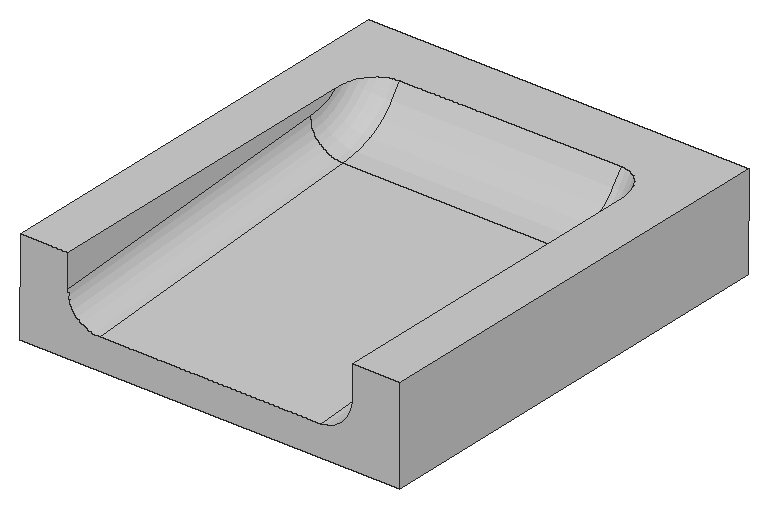
Revit family "Precast_Concrete_Splash_Block_-_Face_Hosted_5980", category Generic Models, host Face, Revit 2023
Family settings
  Host = Face
  Can host rebar = No
  Round Connector Dimension = Use Diameter
  Part Type = Normal
  Cut with Voids When Loaded = No
  Maintain Annotation Orientation = No
  Shared = No
  Room Calculation Point = No
Parameters (values of type "H_GM_AR_B07_Splash Block")
  block_length = 350 mm
  SLOPE = 0.00°
  Default Elevation = 1219.2 mm
Reference planes
  plane 1 "Center (Front/Back)": y = 0
  plane 2: z = 0
  plane 3 "Center (Left/Right)": x = 0
  plane 4: x = -152.4
  plane 5: x = 152.4
  plane 6: y = 175
  plane 7: y = -175
Forms (mm)
  Extrusion 1, solid, material "PRECAST"
    sketch origin (0, 0, 0) x (0, 1, 0) y (0, 0, 1)
      loop
        line (175, 0) -> (175, 76.2) -> (-175, 76.2) -> (-175, 0) -> (175, 0)
    from -152.4 to 152.4
  Sweep 2, void
    path origin (0, 0, 0) x (0, 1, 0) y (0, 0, 1)
      loop
        line (-175, 24.513) -> (69.488, 42.116)
        arc (69.488, 42.116) -> (117.296, 63.402) -> (136.9, 111.924) r 69.85
        line (136.9, 111.924) -> (136.9, 133.35)
    profile origin (0, -52.756, 33.315) x (0, -0.071814, 0.997418) y (1, 0, 0)
      loop
        arc (0, -88.9) -> (7.439, -106.861) -> (25.4, -114.3) r 25.4
        line (25.4, -114.3) -> (57.15, -114.3) -> (57.15, 114.3) -> (25.4, 114.3)
        arc (25.4, 114.3) -> (7.439, 106.861) -> (0, 88.9) r 25.4
        line (0, 88.9) -> (0, -88.9)
Cuts and joins
  Sweep 2 cuts Extrusion 1
Dimensions and locks
  equal spacing: plane 4, plane 3 "Center (Left/Right)", plane 5
  plane 4 to plane 5 = 304.8 mm
  equal spacing: plane 6, plane 1 "Center (Front/Back)", plane 7
  "block_length": plane 6 to plane 7
  aligned and locked: plane 2 to host face
  aligned and locked: level to host face
  aligned and locked: level to Extrusion 1 sketch curve
  aligned and locked: plane 6 to Extrusion 1 sketch curve
  aligned and locked: Extrusion 1 sketch curve to plane 7
  aligned and locked: Extrusion 1 to plane 4
  aligned and locked: Extrusion 1 to plane 5
Automatic sketch dimensions
  Extrusion 1 sketch curve to Extrusion 1 sketch curve = 76.2 mm
  Sweep 2 sketch curve to plane 7 = 0 mm
  Sweep 2 sketch curve to plane 6 = 107.95 mm
  level to Sweep 2 sketch curve = 42.116 mm
  Sweep 2 sketch curve to Sweep 2 sketch curve = 2.438 mm
  Sweep 2 sketch curve to plane 6 = 38.1 mm
  level to Sweep 2 sketch curve = 24.513 mm
  Sweep 2 sketch curve to Sweep 2 sketch curve = 21.426 mm
  Sweep 2 sketch curve to profile plane = 0 mm
  Sweep 2 sketch curve to Sweep 2 sketch curve = 25.4 mm  (x2)
  Sweep 2 sketch curve to Sweep 2 sketch curve = 31.75 mm
  Sweep 2 sketch curve to plane 3 "Center (Left/Right)" = 114.3 mm
  plane 3 "Center (Left/Right)" to Sweep 2 sketch curve = 88.9 mm
  host sketch curve to host sketch curve = 2438.4 mm  (x2)
